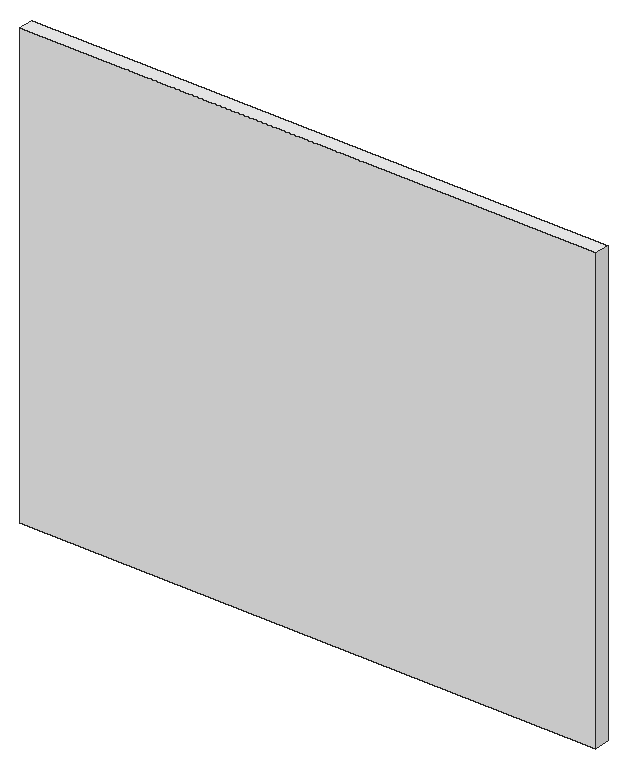
Revit family "LAMP_FIL 120 END COVER SURFACE", category Modelos genéricos, Revit 2018
Family settings
  Puede alojar armadura = No
  Cota de conector redondo = Diámetro de uso
  Tipo de pieza = Normal
  Se basa en plano de trabajo = No
  Siempre vertical = Sí
  Corte con vacíos al cargar = No
  Compartido = No
  Punto de cálculo de habitación = No
Parameters (values of type "Blanco")
  Material tapa = LAMP_Aluminio Perfil Fil BL
Types (3, lengths in mm): name | Material tapa
  (no name) | LAMP_Aluminio Perfil Fil BL
  Blanco | LAMP_Aluminio Perfil Fil BL
  Gris | LAMP_Aluminio Perfil Fil GR
Reference planes
  plane 1 "Centro (Frontal/Posterior)": y = 0
  plane 2: z = 0
  plane 3 "Centro (Izquierda/Derecha)": x = 0
Forms (mm)
  Extrusion 1, solid, material "LAMP_Aluminio Perfil Fil BL" <- "Material tapa"
    sketch origin (0, 0, 0) x (0, -1, 0) y (0, 0, 1)
      loop
        line (0.5, 0) -> (1.5, 0) -> (1.5, 92.5) -> (-1.5, 92.5) -> (-1.5, 0) -> (0.5, 0)
    from -60 to 60
Dimensions and locks
  aligned and locked: level to plane 2
